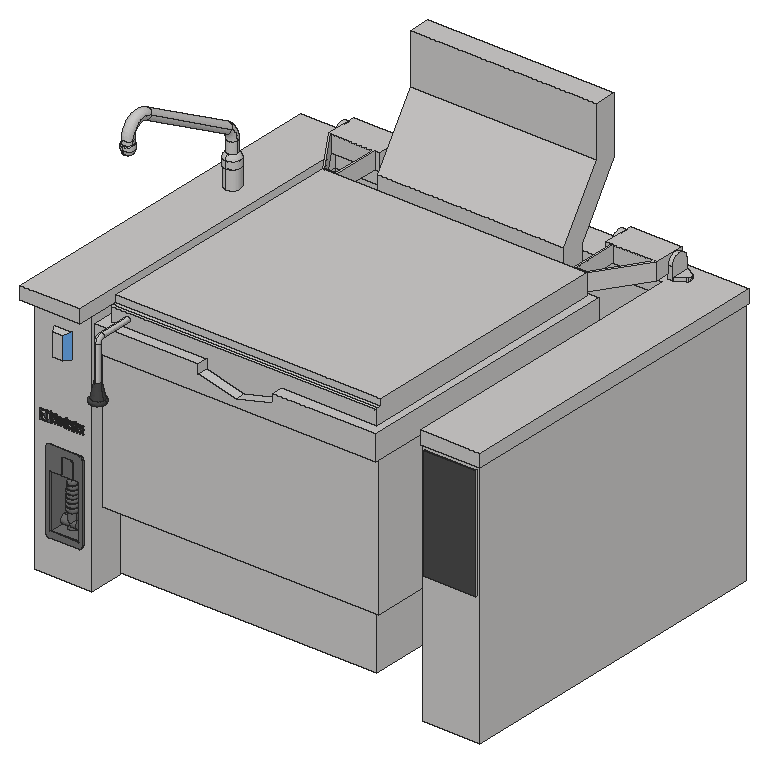
Revit family "QF_ELECTROLUXPROFESSIONAL_586931_PFET09GCCS", category Specialty Equipment, Revit 2018 (continued)
Automatic sketch dimensions
  Extrusion 27 sketch curve to Extrusion 27 sketch curve = 0.709 mm  (x2)
  Extrusion 27 sketch curve to Extrusion 27 sketch curve = 0.602 mm
  Extrusion 27 sketch curve to Extrusion 27 sketch curve = 0.607 mm
  Extrusion 27 sketch curve to Extrusion 27 sketch curve = 0.372 mm  (x2)
  Extrusion 27 sketch curve to Extrusion 27 sketch curve = 1.696 mm
  Extrusion 27 sketch curve to Extrusion 27 sketch curve = 1.752 mm
  Extrusion 27 sketch curve to Extrusion 27 sketch curve = 0.182 mm  (x2)
  Extrusion 27 sketch curve to Extrusion 27 sketch curve = 0.93 mm
  Extrusion 27 sketch curve to Extrusion 27 sketch curve = 0.155 mm  (x2)
  Extrusion 27 sketch curve to Extrusion 27 sketch curve = 0.996 mm
  Extrusion 27 sketch curve to Extrusion 27 sketch curve = 0.297 mm  (x2)
  Extrusion 27 sketch curve to Extrusion 27 sketch curve = 2.359 mm
  Extrusion 27 sketch curve to Extrusion 27 sketch curve = 0.839 mm
  Extrusion 27 sketch curve to Extrusion 27 sketch curve = 0.892 mm  (x2)
  Extrusion 27 sketch curve to Extrusion 27 sketch curve = 0.563 mm
  Extrusion 27 sketch curve to Extrusion 27 sketch curve = 1.037 mm
  Extrusion 27 sketch curve to Extrusion 27 sketch curve = 0.531 mm  (x2)
  Extrusion 27 sketch curve to Extrusion 27 sketch curve = 0.068 mm  (x2)
  Extrusion 27 sketch curve to Extrusion 27 sketch curve = 0.203 mm
  Extrusion 27 sketch curve to Extrusion 27 sketch curve = 0.107 mm  (x2)
  Extrusion 27 sketch curve to Extrusion 27 sketch curve = 1.305 mm
  Extrusion 27 sketch curve to Extrusion 27 sketch curve = 1.058 mm
  Extrusion 27 sketch curve to Extrusion 27 sketch curve = 0.365 mm
  Extrusion 27 sketch curve to Extrusion 27 sketch curve = 0.15 mm  (x2)
  Extrusion 27 sketch curve to Extrusion 27 sketch curve = 0.475 mm
  Extrusion 27 sketch curve to Extrusion 27 sketch curve = 0.292 mm
  Extrusion 27 sketch curve to Extrusion 27 sketch curve = 0.434 mm  (x2)
  Extrusion 27 sketch curve to Extrusion 27 sketch curve = 0.385 mm  (x2)
  Extrusion 27 sketch curve to Extrusion 27 sketch curve = 2.117 mm
  Extrusion 27 sketch curve to Extrusion 27 sketch curve = 0.295 mm  (x2)
  Extrusion 27 sketch curve to Extrusion 27 sketch curve = 0.968 mm
  Extrusion 27 sketch curve to Extrusion 27 sketch curve = 3.826 mm
  Extrusion 27 sketch curve to Extrusion 27 sketch curve = 1.018 mm  (x2)
  Extrusion 27 sketch curve to Extrusion 27 sketch curve = 4.718 mm
  Extrusion 27 sketch curve to Extrusion 27 sketch curve = 2.967 mm
  Extrusion 27 sketch curve to Extrusion 27 sketch curve = 1.662 mm
  Extrusion 27 sketch curve to Extrusion 27 sketch curve = 1.626 mm  (x3)
  Extrusion 27 sketch curve to Extrusion 27 sketch curve = 1.65 mm
  Extrusion 27 sketch curve to Extrusion 27 sketch curve = 1.192 mm
  Extrusion 27 sketch curve to Extrusion 27 sketch curve = 2.57 mm  (x2)
  Extrusion 27 sketch curve to Extrusion 27 sketch curve = 3.444 mm  (x2)
  Extrusion 27 sketch curve to Extrusion 27 sketch curve = 1.343 mm  (x2)
  Extrusion 27 sketch curve to Extrusion 27 sketch curve = 1.353 mm  (x2)
  Extrusion 27 sketch curve to Extrusion 27 sketch curve = 0.027 mm  (x2)
  Extrusion 27 sketch curve to Extrusion 27 sketch curve = 0.395 mm  (x2)
  Extrusion 27 sketch curve to Extrusion 27 sketch curve = 0.329 mm  (x2)
  Extrusion 27 sketch curve to Extrusion 27 sketch curve = 0.425 mm  (x2)
  Extrusion 27 sketch curve to Extrusion 27 sketch curve = 0.051 mm  (x2)
  Extrusion 27 sketch curve to Extrusion 27 sketch curve = 0.495 mm  (x2)
  Extrusion 27 sketch curve to Extrusion 27 sketch curve = 0.267 mm  (x2)
  Extrusion 27 sketch curve to Extrusion 27 sketch curve = 1.40 mm
  Extrusion 27 sketch curve to Extrusion 27 sketch curve = 5.233 mm
  Extrusion 27 sketch curve to Extrusion 27 sketch curve = 2.062 mm
  plane 3 "LEFT" to Extrusion 28 sketch curve = 43.40 mm
  Extrusion 28 sketch curve to Extrusion 28 sketch curve = 82.00 mm
  plane 7 to Extrusion 28 sketch curve = 105.944 mm
  Extrusion 28 sketch curve to Extrusion 28 sketch curve = 195.00 mm
  radius of Sweep 5 sketch curve = 6.119 mm
  radius of Extrusion 22 sketch curve = 6.35 mm  (x2)
  radius of Extrusion 22 sketch curve = 12.70 mm
  radius of Extrusion 23 sketch curve = 6.35 mm
  radius of curve 23 = 25.00 mm
  radius of Extrusion 27 sketch curve = 2.453 mm
  radius of Extrusion 27 sketch curve = 1.557 mm
  radius of Extrusion 27 sketch curve = 1.468 mm
  radius of Extrusion 27 sketch curve = 2.451 mm
Nested families
  nested 1: "QF_ELECTROLUXPROFESSIONAL_RubSprint" at (80, -330.346, 900), type "QF_ELECTROLUXPROFESSIONAL_RubSprint"
  nested 2: "QF_ELECTROLUXPROFESSIONAL_SprayGun" at (80.4, -837, 291.944), type "QF_ELECTROLUXPROFESSIONAL_SprayGun"
Connectors
  electrical at (1121.204, 5, 320), driven by "Volts"
    settings: on Extrusion 23, index 1, voltage 230 V, apparent load 200 VA, apparent load phase1 0 VA, apparent load phase2 0 VA, apparent load phase3 0 VA, power factor 1, load classification "Other", number of poles 1, system type 30, power factor state 1, is connector primary yes, connector utility no, sub classification motor no, connector description "Electrical Connection"
  piping at (106.204, 5, 395), diameter 12.7
    settings: on Extrusion 22, index 2, connector inside diameter 1/2", connector length 0.00 mm, flow factor 0, pipe flow 0 GPM, pressure drop 0.00 psi, fitting loss kfactor 0, connector angle 0.00°, fixture units 0, engagement length 0.00 mm, angle of deflection 0.00°, flow configuration 1, flow direction 1, fitting loss method 0, system type 20, joint type 0, gender type 0, connector reference index -1, connector utility 0, adjustable connector no, is connector primary yes, connector description "Cold Water Inlet"
  piping at (46.204, 5, 395), diameter 12.7
    settings: on Extrusion 22, index 3, connector inside diameter 1/2", connector length 0.00 mm, flow factor 0, pipe flow 0 GPM, pressure drop 0.00 psi, fitting loss kfactor 0, connector angle 0.00°, fixture units 0, engagement length 0.00 mm, angle of deflection 0.00°, flow configuration 1, flow direction 1, fitting loss method 0, system type 19, joint type 0, gender type 0, connector reference index -1, connector utility 0, adjustable connector no, is connector primary no, connector description "Hot Water Inlet"
  piping at (76.112, 5, 345), diameter 25.4
    settings: on Extrusion 22, index 4, connector inside diameter 1", connector length 0.00 mm, flow factor 0, pipe flow 0 GPM, pressure drop 0.00 psi, fitting loss kfactor 0, connector angle 0.00°, fixture units 0, engagement length 0.00 mm, angle of deflection 0.00°, flow configuration 1, flow direction 1, fitting loss method 0, system type 7, joint type 0, gender type 0, connector reference index -1, connector utility 0, adjustable connector no, is connector primary no, connector description "Gas Connection"
Definition of nested family "QF_ELECTROLUXPROFESSIONAL_RubSprint"
  Reference planes
    plane 1 "Center (Front/Back)": y = 0
    plane 2: z = 0
    plane 3 "Center (Left/Right)": x = 0
  Forms (mm)
    Revolve 1, solid
      sketch origin (0, 0, 0) x (0, 1, 0) y (0, 0, 1)
        loop
          line (-21, 0) -> (0, 0) -> (0, 82.75) -> (-14.385, 82.75)
          arc (-14.385, 82.75) -> (-19.409, 76.68) -> (-22.385, 69.383) r 26
          line (-22.385, 69.383) -> (-22.385, 51.306) -> (-21, 50.388) -> (-21, 0)
        axis (0, 82.75) -> (0, 0)
      angle from 0 to 360
    Sweep 2, solid
      path origin (0, 0, 0) x (0, 1, 0) y (0, 0, 1)
        loop
          line (0, 82.75) -> (0, 113.75)
          arc (0, 113.75) -> (-5.44, 133.889) -> (-20.279, 148.551) r 40
          line (-20.279, 148.551) -> (-290.279, 301.55)
          arc (-290.279, 301.55) -> (-330.139, 301.31) -> (-349.999, 266.749) r 40
          line (-349.999, 266.749) -> (-349.999, 257.884)
      profile origin (0, 0, 98.25) x (0, -1, 0) y (1, 0, 0)
        loop
          circle (0, 0) r 13.5
    Revolve 3, solid
      sketch origin (0, 0, 0) x (0, 1, 0) y (0, 0, 1)
        loop
          line (-333.717, 244.264) -> (-333.717, 254.236)
          arc (-333.717, 254.236) -> (-334.434, 255.758) -> (-335.779, 256.77) r 3.5
          line (-335.779, 256.77) -> (-336.499, 257.884) -> (-349.999, 257.884) -> (-349.999, 233.05) -> (-339.2, 233.05)
          arc (-339.2, 233.05) -> (-338.052, 233.411) -> (-337.32, 234.365) r 2
          line (-337.32, 234.365) -> (-333.717, 244.264)
        axis (-349.999, 257.884) -> (-349.999, 233.05)
      angle from 0 to 360
  Lines and regions (mm)
    symbolic lines
      curve 1: arc (-13.5, -17.856, 0) -> (0, 22.385, 0) -> (13.5, -17.856, 0) r 22.385
      curve 2: arc (-13.5, 0, 0) -> (0, 13.5, 0) -> (13.5, 0, 0) r 13.5
      curve 3: arc (-13.5, -349.999, 0) -> (0, -363.499, 0) -> (13.5, -349.999, 0) r 13.5
      curve 4: arc (-13.5, -340.897, 0) -> (0, -366.281, 0) -> (13.5, -340.897, 0) r 16.282
      curve 5: line (13.5, -349.999, 0) -> (13.5, 0, 0)
      curve 6: line (-13.5, -349.999, 0) -> (-13.5, 0, 0)
  Dimensions and locks
    aligned and locked: level to plane 2
Definition of nested family "QF_ELECTROLUXPROFESSIONAL_SprayGun"
  Reference planes
    plane 1 "Center (Front/Back)": y = 0
    plane 2: z = 0
    plane 3 "SGy": x = 13
    plane 4 "AxeZ": y = -45
    plane 5 "Center (Left/Right)": x = 4
    plane 6 "Center (Top/Right)": z = 112.5
  Forms (mm)
    Revolve 1, solid
      sketch origin (0, -45, 0) x (0, 0, 1) y (-1, 0, 0)
        loop
          line (73.98, -1.423) -> (33.98, -1.423) -> (33.98, -13) -> (151.7, -13) -> (151.7, -4.362)
          arc (151.7, -4.362) -> (147.093, -1.396) -> (141.64, -1.926) r 8.345
          arc (141.64, -1.926) -> (140.226, -2.024) -> (139.103, -1.16) r 2
          arc (139.103, -1.16) -> (138.832, -0.814) -> (138.493, -0.536) r 2
          arc (138.493, -0.536) -> (134.77, 0.557) -> (131.061, -0.581) r 6.745
          arc (131.061, -0.581) -> (129.812, -0.914) -> (128.62, -0.414) r 2
          arc (128.62, -0.414) -> (124.347, 1.338) -> (119.917, 0.035) r 6.972
          arc (119.917, 0.035) -> (118.79, -0.341) -> (117.648, -0.011) r 2
          arc (117.648, -0.011) -> (113.81, 1.188) -> (109.921, 0.166) r 7.275
          arc (109.921, 0.166) -> (108.725, -0.109) -> (107.594, 0.367) r 2
          arc (107.594, 0.367) -> (103.55, 1.928) -> (99.427, 0.587) r 6.475
          arc (99.427, 0.587) -> (98.262, 0.173) -> (97.076, 0.524) r 2
          arc (97.076, 0.524) -> (92.711, 1.941) -> (88.277, 0.758) r 8.094
          arc (88.277, 0.758) -> (87.212, 0.464) -> (86.153, 0.781) r 2
          arc (86.153, 0.781) -> (79.633, 2.075) -> (73.98, -1.423) r 9.075
        axis (151.7, -13) -> (33.98, -13)
      angle from 0 to 360
    Revolve 2, solid
      sketch origin (0, -45, 0) x (0, 0, 1) y (-1, 0, 0)
        loop
          line (47.58, 11.558) -> (40.98, 11.558) -> (40.98, 9.577) -> (35.98, 9.577) -> (35.98, -30.423) -> (40.98, -30.423) -> (40.98, -35.423) -> (47.58, -35.423) -> (47.58, 11.558)
        axis (47.58, 11.558) -> (47.58, -35.423)
      angle from 0 to 360
    Extrusion 3, solid
      sketch origin (0, -45, 0) x (1, 0, 0) y (0, 1, 0)
        loop
          line (21.638, 0) -> (17.319, 7.481) -> (8.681, 7.481) -> (4.362, 0) -> (8.681, -7.481) -> (17.319, -7.481) -> (21.638, 0)
      from 151.7 to 160.974
    Extrusion 4, solid
      sketch origin (0, 0, 0) x (1, 0, 0) y (0, 0, 1)
        loop
          arc (-45, 10) -> (-42.071, 2.929) -> (-35, 0) r 10
          line (-35, 0) -> (43, 0)
          arc (43, 0) -> (50.071, 2.929) -> (53, 10) r 10
          line (53, 10) -> (53, 215)
          arc (53, 215) -> (50.071, 222.071) -> (43, 225) r 10
          line (43, 225) -> (-35, 225)
          arc (-35, 225) -> (-42.071, 222.071) -> (-45, 215) r 10
          line (-45, 215) -> (-45, 10)
        loop
          line (-35, 162) -> (-35, 16) -> (43, 16) -> (43, 162) -> (29, 162) -> (29, 199)
          arc (29, 199) -> (26.657, 204.657) -> (21, 207) r 8
          line (21, 207) -> (5, 207)
          arc (5, 207) -> (-0.657, 204.657) -> (-3, 199) r 8
          line (-3, 199) -> (-3, 162) -> (-35, 162)
      from 63 to 60
    Extrusion 5, solid
      sketch origin (0, 0, 0) x (1, 0, 0) y (0, 0, 1)
        loop
          line (-35, 16) -> (43, 16) -> (43, 162) -> (29, 162) -> (29, 199)
          arc (29, 199) -> (26.657, 204.657) -> (21, 207) r 8
          line (21, 207) -> (5, 207)
          arc (5, 207) -> (-0.657, 204.657) -> (-3, 199) r 8
          line (-3, 199) -> (-3, 162) -> (-35, 162) -> (-35, 16)
        loop
          line (31, 164) -> (31, 199)
          arc (31, 199) -> (28.071, 206.071) -> (21, 209) r 10
          line (21, 209) -> (5, 209)
          arc (5, 209) -> (-2.071, 206.071) -> (-5, 199) r 10
          line (-5, 199) -> (-5, 164) -> (-37, 164) -> (-37, 14) -> (45, 14) -> (45, 164) -> (31, 164)
      from 0 to 60
    Extrusion 6, solid
      sketch origin (0, 0, 0) x (1, 0, 0) y (0, 0, 1)
        loop
          line (-37, 164) -> (-37, 14) -> (45, 14) -> (45, 164) -> (-37, 164)
      from 6 to 0
    Extrusion 7, solid
      sketch origin (0, 0, 0) x (1, 0, 0) y (0, 0, 1)
        loop
          line (28, 160.974) -> (28, 198)
          arc (28, 198) -> (25.657, 203.657) -> (20, 206) r 8
          line (20, 206) -> (6, 206)
          arc (6, 206) -> (0.343, 203.657) -> (-2, 198) r 8
          line (-2, 198) -> (-2, 160.974) -> (28, 160.974)
      from 0 to 63
  Dimensions and locks
    equal spacing: Extrusion 4, plane 5 "Center (Left/Right)", Extrusion 4
    Extrusion 4 to Extrusion 4 = 225.00 mm
    Extrusion 4 to Extrusion 4 = 98.00 mm
    aligned and locked: level to plane 2
  Automatic sketch dimensions
    plane 3 "SGy" to Revolve 1 sketch curve = 0.00 mm  (x2)
    plane 5 "Center (Left/Right)" to Revolve 1 sketch curve = 2.577 mm
    level to Revolve 1 sketch curve = 33.98 mm
    Revolve 1 sketch curve to Revolve 1 sketch curve = 40.00 mm
    Revolve 1 sketch curve to plane 5 "Center (Left/Right)" = 2.854 mm
    Revolve 1 sketch curve to Revolve 1 sketch curve = 7.27 mm
    Revolve 1 sketch curve to Revolve 1 sketch curve = 5.984 mm
    Revolve 1 sketch curve to plane 5 "Center (Left/Right)" = 2.15 mm
    Revolve 1 sketch curve to Revolve 1 sketch curve = 5.262 mm
    Revolve 1 sketch curve to Revolve 1 sketch curve = 5.712 mm
    Revolve 1 sketch curve to plane 5 "Center (Left/Right)" = 0.545 mm
    Revolve 1 sketch curve to Revolve 1 sketch curve = 5.167 mm
    Revolve 1 sketch curve to Revolve 1 sketch curve = 5.522 mm
    Revolve 1 sketch curve to plane 5 "Center (Left/Right)" = 2.085 mm
    Revolve 1 sketch curve to Revolve 1 sketch curve = 4.746 mm
    Revolve 1 sketch curve to Revolve 1 sketch curve = 5.106 mm
    Revolve 1 sketch curve to plane 5 "Center (Left/Right)" = 1.624 mm
    Revolve 1 sketch curve to Revolve 1 sketch curve = 5.239 mm
    Revolve 1 sketch curve to Revolve 1 sketch curve = 5.96 mm
    Revolve 1 sketch curve to plane 5 "Center (Left/Right)" = 2.187 mm
    Revolve 1 sketch curve to Revolve 1 sketch curve = 4.862 mm
    plane 5 "Center (Left/Right)" to Revolve 1 sketch curve = 1.788 mm
    Revolve 1 sketch curve to Revolve 1 sketch curve = 2.59 mm
    Revolve 1 sketch curve to Revolve 1 sketch curve = 3.403 mm
    plane 3 "SGy" to Revolve 1 sketch curve = 3.493 mm
    Revolve 1 sketch curve to Revolve 1 sketch curve = 4.325 mm
    Revolve 1 sketch curve to Revolve 1 sketch curve = 6.57 mm
    Revolve 1 sketch curve to plane 5 "Center (Left/Right)" = 0.362 mm
    plane 5 "Center (Left/Right)" to Revolve 1 sketch curve = 3.891 mm
    plane 5 "Center (Left/Right)" to Revolve 1 sketch curve = 5.081 mm
    plane 5 "Center (Left/Right)" to Revolve 1 sketch curve = 5.658 mm
    plane 5 "Center (Left/Right)" to Revolve 1 sketch curve = 5.884 mm
    plane 5 "Center (Left/Right)" to Revolve 1 sketch curve = 6.173 mm
    plane 5 "Center (Left/Right)" to Revolve 1 sketch curve = 6.464 mm
    Revolve 1 sketch curve to Revolve 1 sketch curve = 7.72 mm
    Revolve 1 sketch curve to Revolve 1 sketch curve = 0.00 mm  (x12)
    Revolve 1 sketch curve to Revolve 1 sketch curve = 1.57 mm
    Revolve 2 sketch curve to plane 3 "SGy" = 17.423 mm
    level to Revolve 2 sketch curve = 35.98 mm
    Revolve 2 sketch curve to Revolve 2 sketch curve = 5.00 mm  (x3)
    Revolve 2 sketch curve to Revolve 2 sketch curve = 6.60 mm
    plane 5 "Center (Left/Right)" to Revolve 2 sketch curve = 13.577 mm
    Revolve 2 sketch curve to Revolve 2 sketch curve = 1.981 mm
    Revolve 2 sketch curve to Revolve 2 sketch curve = 0.00 mm  (x2)
    Revolve 2 sketch curve to Revolve 2 sketch curve = 4.326 mm
    plane 4 "AxeZ" to Extrusion 3 sketch curve = 0.00 mm  (x2)
    Extrusion 3 sketch curve to plane 5 "Center (Left/Right)" = 0.362 mm
    plane 3 "SGy" to Extrusion 3 sketch curve = 4.319 mm  (x2)
    Extrusion 3 sketch curve to plane 3 "SGy" = 4.319 mm  (x2)
    Extrusion 3 sketch curve to Extrusion 3 sketch curve = 4.319 mm
    plane 4 "AxeZ" to Extrusion 3 sketch curve = 7.481 mm
    Extrusion 3 sketch curve to plane 4 "AxeZ" = 7.481 mm
    Extrusion 4 sketch curve to level = 0.00 mm
    level to Extrusion 4 sketch curve = 10.00 mm
    plane 5 "Center (Left/Right)" to Extrusion 4 sketch curve = 49.00 mm
    Extrusion 4 sketch curve to Extrusion 4 sketch curve = 10.00 mm  (x2)
    Extrusion 4 sketch curve to Extrusion 4 sketch curve = 0.00 mm  (x3)
    plane 5 "Center (Left/Right)" to Extrusion 4 sketch curve = 7.00 mm
    Extrusion 4 sketch curve to plane 5 "Center (Left/Right)" = 1.00 mm
    Extrusion 4 sketch curve to plane 3 "SGy" = 8.00 mm
    Extrusion 4 sketch curve to plane 3 "SGy" = 16.00 mm
    Extrusion 4 sketch curve to Extrusion 4 sketch curve = 14.00 mm  (x2)
    Extrusion 4 sketch curve to Extrusion 4 sketch curve = 6.00 mm
    Extrusion 4 sketch curve to Extrusion 4 sketch curve = 146.00 mm
    Extrusion 4 sketch curve to Extrusion 4 sketch curve = 37.00 mm
    Extrusion 4 sketch curve to Extrusion 4 sketch curve = 16.00 mm
    Extrusion 5 sketch curve to Extrusion 5 sketch curve = 0.00 mm  (x5)
    level to Extrusion 5 sketch curve = 14.00 mm
    plane 5 "Center (Left/Right)" to Extrusion 5 sketch curve = 41.00 mm
    Extrusion 5 sketch curve to Extrusion 5 sketch curve = 2.00 mm  (x6)
    plane 5 "Center (Left/Right)" to Extrusion 5 sketch curve = 9.00 mm
    Extrusion 5 sketch curve to plane 5 "Center (Left/Right)" = 1.00 mm
    Extrusion 5 sketch curve to plane 3 "SGy" = 8.00 mm
    Extrusion 5 sketch curve to Extrusion 5 sketch curve = 8.00 mm
    Extrusion 5 sketch curve to plane 3 "SGy" = 30.00 mm
    Extrusion 5 sketch curve to Extrusion 5 sketch curve = 146.00 mm
    Extrusion 5 sketch curve to Extrusion 5 sketch curve = 35.00 mm
    level to Extrusion 6 sketch curve = 14.00 mm
    plane 5 "Center (Left/Right)" to Extrusion 6 sketch curve = 41.00 mm
    Extrusion 6 sketch curve to plane 3 "SGy" = 32.00 mm
    Extrusion 6 sketch curve to Extrusion 6 sketch curve = 150.00 mm
    plane 5 "Center (Left/Right)" to Extrusion 7 sketch curve = 6.00 mm
    Extrusion 7 sketch curve to plane 5 "Center (Left/Right)" = 2.00 mm
    Extrusion 7 sketch curve to plane 3 "SGy" = 7.00 mm
    Extrusion 7 sketch curve to plane 3 "SGy" = 15.00 mm
    level to Extrusion 7 sketch curve = 160.974 mm
    Extrusion 7 sketch curve to Extrusion 7 sketch curve = 37.026 mm
